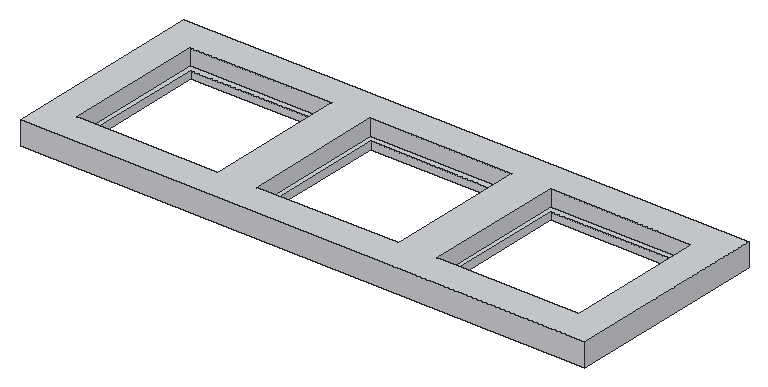
Revit family "Gira_021323", category Electrical Fixtures, host Face, Revit 2017
Family settings
  Host = Face
  Maintain Annotation Orientation = No
  Round Connector Dimension = Use Diameter
  Part Type = Normal
  Cut with Voids When Loaded = No
  Shared = No
  Room Calculation Point = No
Parameters (values of type "Abdeckrahmen 3f Gira E2 Anthrazit")
  Werkstoffgüte = "Thermoplast"
  Werkstoff = "Kunststoff"
  URL = "http://katalog.gira.de/de_DE/datenblatt.html?artikelnr=021323"
  Transparent = "No"
  Textfeld/Beschriftungsfläche = "No"
  Schutzart (IP) = "IP20"
  Region = "DE"
  Oberfläche = "sonstige"
  Name = "Abdeckrahmen 3f Gira E2 Anthrazit"
  Montagerichtung = "horizontal und vertikal"
  Mit Montagerahmen = "No"
  Mit Klappdeckel = "No"
  Manufacturer URL = "https://www.gira.de/"
  Keynote = "E2_Rahmen_3fach"
  HeinzeBIM = "https://bimportal.heinze.de/bim/abdeckrahmen-3f-gira-e2-anthrazit/ad6bcb5f639275d12eaddb70815ab298680fc162"
  Halogenfrei = "Yes"
  HAN = "021323"
  Geeignet für Unterputz-Installation = "Yes"
  Geeignet für Unterflurkanaldose = "No"
  Geeignet für Geräteeinbaukanal = "No"
  Geeignet für Einbauinstallation = "No"
  GTIN = "4010337213239"
  Farbe = "anthrazit"
  Default Elevation = 1219.2 mm
  Data sheet (1) = "https://katalog.gira.de/de_DE/download.html?artikelnr=021323"
  Category = "Abdeckrahmen"
  Befestigungsart = "Klemmbefestigung"
  Available = "Yes"
  Anzahl der Einheiten vertikal = "3 "
  Anzahl der Einheiten horizontal = "3 "
  Anzahl der Einheiten = "3 "
Reference planes
  plane 1 "Center (Front/Back)": y = 0
  plane 2: z = 0
  plane 3 "Center (Left/Right)": x = 0
Forms (mm)
  Extrusion 1, solid, detail levels fine
    sketch origin (0, 0, 0) x (1, 0, 0) y (0, 1, 0)
      loop
        line (111.7, 40.4) -> (-111.7, 40.4) -> (-111.7, -40.4) -> (111.7, -40.4) -> (111.7, 40.4)
      loop
        line (43.248, 28.052) -> (43.248, -28.052) -> (99.352, -28.052) -> (99.352, 28.052) -> (43.248, 28.052)
      loop
        line (-28.052, 28.052) -> (-28.052, -28.052) -> (28.052, -28.052) -> (28.052, 28.052) -> (-28.052, 28.052)
      loop
        line (-99.352, 28.052) -> (-99.352, -28.052) -> (-43.248, -28.052) -> (-43.248, 28.052) -> (-99.352, 28.052)
    from 0 to 9.3
  Extrusion 2, solid, detail levels fine
    sketch origin (-71.2, 0, 0) x (1, 0, 0) y (0, 1, 0)
      loop
        line (-28.152, -28.152) -> (28.152, -28.152) -> (28.152, 28.152) -> (-28.152, 28.152) -> (-28.152, -28.152)
      loop
        line (25.9, -25.7) -> (25.9, 25.7) -> (-25.9, 25.7) -> (-25.9, -25.7) -> (25.9, -25.7)
    from 0 to 3
  Extrusion 3, solid, detail levels coarse+medium
    sketch origin (0, 0, 0) x (1, 0, 0) y (0, 1, 0)
      loop
        line (111.7, 40.4) -> (-111.7, 40.4) -> (-111.7, -40.4) -> (111.7, -40.4) -> (111.7, 40.4)
    from 0 to 9.3
  Extrusion 4, solid, detail levels fine
    sketch origin (0.1, -0.047, 0) x (1, 0, 0) y (0, 1, 0)
      loop
        line (-28.152, -28.106) -> (28.152, -28.106) -> (28.152, 28.199) -> (-28.152, 28.199) -> (-28.152, -28.106)
      loop
        line (25.9, -25.653) -> (25.9, 25.747) -> (-25.9, 25.747) -> (-25.9, -25.653) -> (25.9, -25.653)
    from 0 to 3
  Extrusion 5, solid, detail levels fine
    sketch origin (71.2, -0.047, 0) x (1, 0, 0) y (0, 1, 0)
      loop
        line (-27.952, -28.006) -> (28.152, -28.006) -> (28.152, 28.099) -> (-27.952, 28.099) -> (-27.952, -28.006)
      loop
        line (26, -25.653) -> (26, 25.747) -> (-25.9, 25.747) -> (-25.9, -25.653) -> (26, -25.653)
    from 0 to 3
Dimensions and locks
  aligned and locked: plane 2 to host face
  aligned and locked: level to host face
